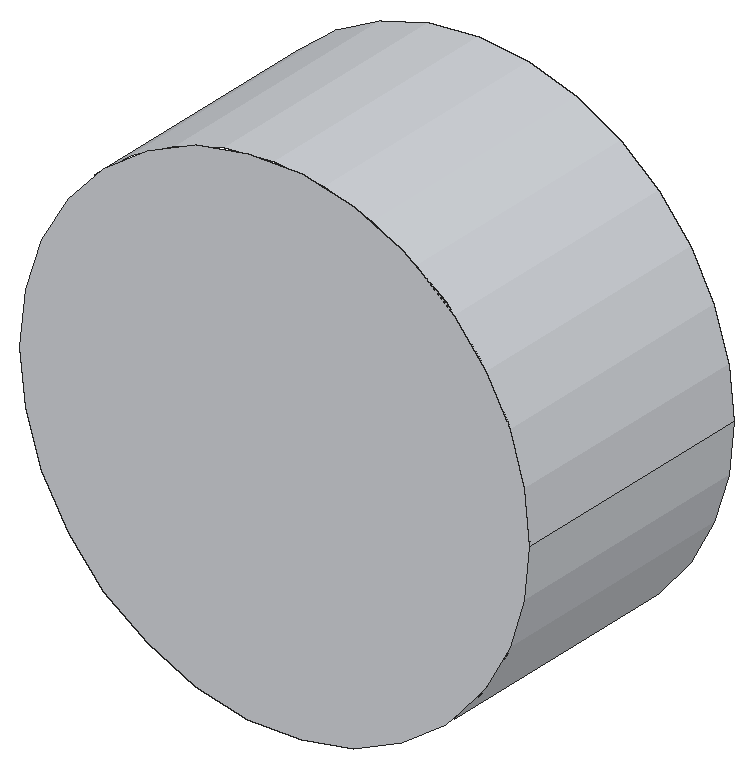
Revit family "TV-121", category Aparatos sanitarios, Revit 2021
Family settings
  Cota de conector redondo = Diámetro de uso
  Tipo de pieza = Normal
  Número OmniClass = 23.45.00.00
  Título OmniClass = Sanitary, Laundry, and Cleaning Equipment
  Se basa en plano de trabajo = No
  Siempre vertical = Sí
  Corte con vacíos al cargar = No
  Compartido = No
  Punto de cálculo de habitación = No
Parameters (values of type "TV-121")
  URL = "http://www.helvex.com.mx/contenido.php?producto=637"
  Elevación por defecto = 0"
  Comentarios de tipo = "Special Products"
  Total Length = 7.5"
  Support Base Diameter = 2.4"
  Modelo = "TV-121"
  Min. Working Pressure = 14.22 psi
  Max. Working Pressure = 85.34 psi
  Max. Water Flow = 2.11 GPM
  Fabricante = "HELVEX"
  Instructive = "http://www.helvex.com.mx/productos/instructivos/TV-121.pdf"
  Features = "Automatic Closure, Activation Time Adjustable, Button With Antibacterial Coating, Closing Time Adjustable From 5 To 13 Seconds"
  Documentation = "http://www.helvex.com.mx/productos/fichas/TV-121.pdf"
  Descripción = "Single Faucet Economizer To Wall Closing And Antibacterial Coating"
  Connection = "½\" - 14 NPSM"
  Chrome = Brass Chromed
  Certification = "http://www.helvex.com.mx/productos/vistas/TV-121.pdf"
  Conexión AF = no
Reference planes (in)
  plane 1 "Center (Front/Back)": y = 0
  plane 2: z = 0
  plane 3 "Center (Left/Right)": x = 0
  plane 4: z = 41.34
Forms (in)
  Extrusion 1, solid
    sketch origin (0, 0, 41.34) x (1, 0, 0) y (0, 0, 1)
      loop
        circle (0, 0) r 0.25
    from 0 to 0.25
Dimensions and locks (in)
  locked: plane 4 to plane 2 at 41.34
  aligned and locked: level to plane 2
Connectors (in)
  piping at (0, 0, 41.34), diameter 0.5, driven by "Conexión AF"
    settings: on Extrusion 1, index 1, connector inside diameter 609.6 mm, connector length 0", flow factor 0, pipe flow 2.11 GPM, pressure drop 0.0 psi, fitting loss kfactor 0, connector angle 0.00°, fixture units 0, engagement length 0", angle of deflection 0.00°, flow configuration 2, flow direction 1, fitting loss method 0, system type 20, joint type 0, gender type 0, connector reference index -1, connector utility 0, adjustable connector no, is connector primary yes, connector description ""
